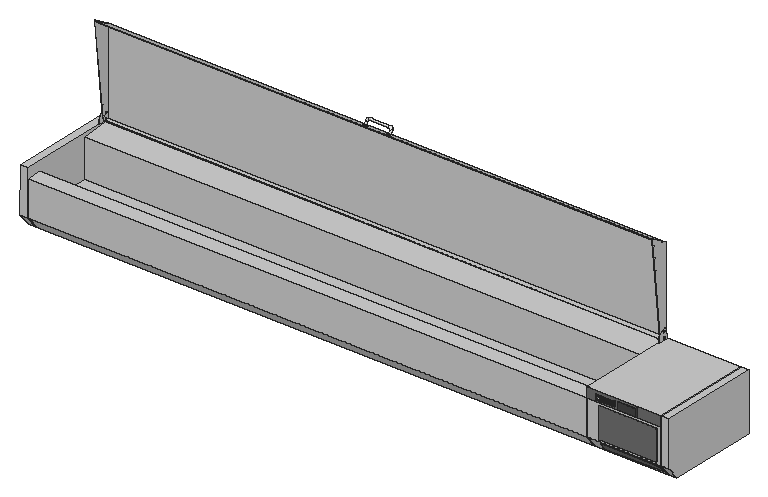
Revit family "Qf_Afinox_VRS2560K", category Specialty Equipment, Revit 2014
Parameters
  Show Logo [instance] = yes
  Show Clearance [instance] = yes
Reference planes
  plane 1 "Back": y = 0
  plane 2: z = 0
  plane 3 "Left": x = 0
  plane 4 "Right": x = 2560
  plane 5 "Front": y = -395
  plane 6 "Top": z = 225
Forms (mm)
  Extrusion 1, solid
    sketch origin (1460, 0, 0) x (0, 1, 0) y (0, 0, 1)
      loop
        line (0, 225) -> (-118.091, 213.424) -> (-118.091, 63.424) -> (-342.706, 63.424) -> (-342.706, 191.405) -> (-395, 186.278) -> (-395, 50) -> (-354.511, 0) -> (0, 0) -> (0, 225)
    from -1430 to 778
  Extrusion 2, solid
    sketch origin (0, 0, 0) x (0, 1, 0) y (0, 0, 1)
      loop
        line (0, 225) -> (-395, 225) -> (-395, 50) -> (-354.511, 0) -> (0, 0) -> (0, 225)
    from 0 to 30
  Extrusion 3, solid
    sketch origin (2530, 0, 0) x (0, 1, 0) y (0, 0, 1)
      loop
        line (0, 225) -> (-395, 225) -> (-395, 50) -> (-354.511, 0) -> (0, 0) -> (0, 225)
    from 0 to 30
  Extrusion 4, solid
    sketch origin (2500, 0, 0) x (0, 1, 0) y (0, 0, 1)
      loop
        line (0, 225) -> (-395, 225) -> (-395, 50) -> (-354.511, 0) -> (0, 0) -> (0, 225)
    from -262 to 30
  Extrusion 5, solid
    sketch origin (1460, -394, -0.038) x (1, 0, 0) y (0, 0, 1)
      loop
        arc (829.65, 178.011) -> (827.352, 177.059) -> (826.4, 174.761) r 3.25
        line (826.4, 174.761) -> (826.4, 59.261)
        arc (826.4, 59.261) -> (827.352, 56.963) -> (829.65, 56.011) r 3.25
        line (829.65, 56.011) -> (1050.15, 56.011)
        arc (1050.15, 56.011) -> (1052.448, 56.963) -> (1053.4, 59.261) r 3.25
        line (1053.4, 59.261) -> (1053.4, 174.761)
        arc (1053.4, 174.761) -> (1052.448, 177.059) -> (1050.15, 178.011) r 3.25
        line (1050.15, 178.011) -> (829.65, 178.011)
    from 0 to 2
  Extrusion 6, solid
    sketch origin (1460, -273.564, -98.372) x (1, 0, 0) y (0, -0.62932, 0.777146)
      loop
        arc (829.65, 178.011) -> (827.352, 177.059) -> (826.4, 174.761) r 3.25
        line (826.4, 174.761) -> (826.4, 141.843)
        arc (826.4, 141.843) -> (827.352, 139.544) -> (829.65, 138.593) r 3.25
        line (829.65, 138.593) -> (1050.15, 138.593)
        arc (1050.15, 138.593) -> (1052.448, 139.544) -> (1053.4, 141.843) r 3.25
        line (1053.4, 141.843) -> (1053.4, 174.761)
        arc (1053.4, 174.761) -> (1052.448, 177.059) -> (1050.15, 178.011) r 3.25
        line (1050.15, 178.011) -> (829.65, 178.011)
    from 0 to 2
  Extrusion 7, solid
    sketch origin (1452.335, -397, -1.215) x (1, 0, 0) y (0, 0, 1)
      loop
        line (912.065, 221.354) -> (912.065, 192.354) -> (983.065, 192.354) -> (983.065, 221.354) -> (912.065, 221.354)
    from 0 to 3
  Extrusion 8, solid, visible <- "Show Logo"
    sketch origin (2097.556, -397, -384.108) x (1, 0, 0) y (0, 0, 1)
      loop
        line (179.287, 599.596) -> (179.287, 579.899) -> (254.287, 579.899) -> (254.287, 599.596) -> (179.287, 599.596)
      loop
        line (199.226, 597.323) -> (199.226, 582.172) -> (253.014, 582.172) -> (253.014, 597.323) -> (199.226, 597.323)
      loop
        line (180.287, 597.323) -> (180.287, 582.172) -> (198.848, 582.172) -> (198.848, 597.323) -> (180.287, 597.323)
    from 0 to 2
  Extrusion 9, solid, visible <- "Show Logo"
    sketch origin (1304.53, -397, -622.718) x (1, 0, 0) y (0, 0, 1)
      loop
        arc (994.034, 825.04) -> (994.842, 823.416) -> (996.479, 824.198) r 1.293
        line (996.479, 824.198) -> (996.958, 825.22) -> (1000.192, 825.22) -> (1000.6, 824.198)
        arc (1000.6, 824.198) -> (1002.252, 823.366) -> (1003.039, 825.04) r 1.291
        line (1003.039, 825.04) -> (999.801, 832.415)
        arc (999.801, 832.415) -> (998.57, 833.402) -> (997.337, 832.418) r 1.263
        line (997.337, 832.418) -> (994.034, 825.04)
      loop
        line (999.576, 827.427) -> (998.603, 829.738) -> (997.631, 827.445) -> (999.576, 827.427)
      loop
        line (1004.344, 832.421) -> (1004.344, 824.556)
        arc (1004.344, 824.556) -> (1005.631, 823.448) -> (1006.918, 824.556) r 1.302
        line (1006.918, 824.556) -> (1006.918, 827.178) -> (1010.126, 827.178)
        arc (1010.126, 827.178) -> (1011.3, 828.493) -> (1010.126, 829.808) r 1.323
        line (1010.126, 829.808) -> (1006.918, 829.808) -> (1006.918, 830.954) -> (1010.126, 830.954)
        arc (1010.126, 830.954) -> (1011.264, 832.233) -> (1010.126, 833.511) r 1.287
        line (1010.126, 833.511) -> (1005.326, 833.511)
        arc (1005.326, 833.511) -> (1004.652, 833.13) -> (1004.344, 832.421) r 1.22
      loop
        line (1012.593, 832.457) -> (1012.593, 824.488)
        arc (1012.593, 824.488) -> (1013.928, 823.343) -> (1015.262, 824.488) r 1.35
        line (1015.262, 824.488) -> (1015.262, 832.457)
        arc (1015.262, 832.457) -> (1013.928, 833.516) -> (1012.593, 832.457) r 1.37
      loop
        arc (1019.372, 832.457) -> (1018.038, 833.516) -> (1016.703, 832.457) r 1.37
        line (1016.703, 832.457) -> (1016.703, 824.488)
        arc (1016.703, 824.488) -> (1018.038, 823.343) -> (1019.372, 824.488) r 1.35
        line (1019.372, 824.488) -> (1019.372, 828.473) -> (1022.448, 824.488)
        arc (1022.448, 824.488) -> (1023.783, 823.343) -> (1025.118, 824.488) r 1.35
        line (1025.118, 824.488) -> (1025.118, 832.457)
        arc (1025.118, 832.457) -> (1023.783, 833.516) -> (1022.448, 832.457) r 1.37
        line (1022.448, 832.457) -> (1022.448, 828.473) -> (1019.372, 832.457)
      loop
        circle (1031.159, 828.429) r 5.095
      loop
        circle (1031.159, 828.429) r 2.733
      loop
        line (1036.425, 831.5) -> (1038.763, 828.375) -> (1036.365, 825.267)
        arc (1036.365, 825.267) -> (1036.712, 823.621) -> (1038.393, 823.703) r 1.296
        line (1038.393, 823.703) -> (1040.42, 826.313) -> (1042.28, 823.703)
        arc (1042.28, 823.703) -> (1043.993, 823.58) -> (1044.434, 825.238) r 1.346
        line (1044.434, 825.238) -> (1042.048, 828.408) -> (1044.37, 831.408)
        arc (1044.37, 831.408) -> (1044.07, 833.196) -> (1042.269, 832.987) r 1.316
        line (1042.269, 832.987) -> (1040.366, 830.453) -> (1038.502, 833.054)
        arc (1038.502, 833.054) -> (1036.78, 833.19) -> (1036.425, 831.5) r 1.308
      loop
        line (1046.04, 835.933) -> (992.253, 835.933) -> (992.253, 820.782) -> (1046.04, 820.782) -> (1046.04, 835.933)
    from 0 to 2
  Extrusion 10, solid, visible <- "Show Logo"
    sketch origin (1297.402, -397, -442.664) x (1, 0, 0) y (0, 0, 1)
      loop
        line (980.441, 655.879) -> (980.441, 640.728) -> (999.001, 640.728) -> (999.001, 655.879) -> (980.441, 655.879)
      loop
        arc (982.146, 642.435) -> (982.404, 641.667) -> (983.211, 641.586) r 0.747
        line (983.211, 641.586) -> (989.781, 644.576) -> (996.334, 641.6)
        arc (996.334, 641.6) -> (997.088, 641.702) -> (997.296, 642.435) r 0.695
        line (997.296, 642.435) -> (990.231, 654.688)
        arc (990.231, 654.688) -> (989.721, 654.992) -> (989.211, 654.688) r 0.58
        line (989.211, 654.688) -> (982.146, 642.435)
    from 0 to 2
  Extrusion 11, solid, visible <- "Show Logo"
    sketch origin (1263.114, -397, -392.26) x (1, 0, 0) y (0, 0, 1)
      loop
        arc (1016.435, 592.031) -> (1016.693, 591.262) -> (1017.5, 591.182) r 0.747
        line (1017.5, 591.182) -> (1024.07, 594.172) -> (1030.623, 591.195)
        arc (1030.623, 591.195) -> (1031.377, 591.298) -> (1031.584, 592.031) r 0.695
        line (1031.584, 592.031) -> (1024.52, 604.283)
        arc (1024.52, 604.283) -> (1024.01, 604.588) -> (1023.5, 604.283) r 0.58
        line (1023.5, 604.283) -> (1016.435, 592.031)
      loop
        arc (1035.45, 594.582) -> (1036.258, 592.958) -> (1037.895, 593.739) r 1.293
        line (1037.895, 593.739) -> (1038.374, 594.762) -> (1041.608, 594.762) -> (1042.016, 593.739)
        arc (1042.016, 593.739) -> (1043.668, 592.908) -> (1044.455, 594.582) r 1.291
        line (1044.455, 594.582) -> (1041.218, 601.957)
        arc (1041.218, 601.957) -> (1039.986, 602.943) -> (1038.753, 601.959) r 1.263
        line (1038.753, 601.959) -> (1035.45, 594.582)
      loop
        line (1040.992, 596.969) -> (1040.02, 599.279) -> (1039.047, 596.987) -> (1040.992, 596.969)
      loop
        arc (1045.76, 594.097) -> (1047.047, 592.99) -> (1048.334, 594.097) r 1.302
        line (1048.334, 594.097) -> (1048.334, 596.72) -> (1051.542, 596.72)
        arc (1051.542, 596.72) -> (1052.716, 598.035) -> (1051.542, 599.35) r 1.323
        line (1051.542, 599.35) -> (1048.334, 599.35) -> (1048.334, 600.496) -> (1051.542, 600.496)
        arc (1051.542, 600.496) -> (1052.681, 601.774) -> (1051.542, 603.052) r 1.287
        line (1051.542, 603.052) -> (1046.742, 603.052)
        arc (1046.742, 603.052) -> (1046.069, 602.672) -> (1045.76, 601.962) r 1.22
        line (1045.76, 601.962) -> (1045.76, 594.097)
      loop
        arc (1054.01, 594.029) -> (1055.344, 592.884) -> (1056.679, 594.029) r 1.35
        line (1056.679, 594.029) -> (1056.679, 601.999)
        arc (1056.679, 601.999) -> (1055.344, 603.058) -> (1054.01, 601.999) r 1.37
        line (1054.01, 601.999) -> (1054.01, 594.029)
      loop
        arc (1058.12, 594.029) -> (1059.454, 592.884) -> (1060.789, 594.029) r 1.35
        line (1060.789, 594.029) -> (1060.789, 598.014) -> (1063.865, 594.029)
        arc (1063.865, 594.029) -> (1065.199, 592.884) -> (1066.534, 594.029) r 1.35
        line (1066.534, 594.029) -> (1066.534, 601.999)
        arc (1066.534, 601.999) -> (1065.199, 603.058) -> (1063.865, 601.999) r 1.37
        line (1063.865, 601.999) -> (1063.865, 598.014) -> (1060.789, 601.999)
        arc (1060.789, 601.999) -> (1059.454, 603.058) -> (1058.12, 601.999) r 1.37
        line (1058.12, 601.999) -> (1058.12, 594.029)
      loop
        circle (1072.575, 597.971) r 5.095
      loop
        circle (1072.575, 597.971) r 2.733
      loop
        line (1080.18, 597.917) -> (1077.782, 594.809)
        arc (1077.782, 594.809) -> (1078.129, 593.163) -> (1079.809, 593.245) r 1.296
        line (1079.809, 593.245) -> (1081.836, 595.854) -> (1083.697, 593.245)
        arc (1083.697, 593.245) -> (1085.409, 593.121) -> (1085.851, 594.78) r 1.346
        line (1085.851, 594.78) -> (1083.464, 597.949) -> (1085.787, 600.95)
        arc (1085.787, 600.95) -> (1085.486, 602.737) -> (1083.686, 602.528) r 1.316
        line (1083.686, 602.528) -> (1081.782, 599.994) -> (1079.918, 602.596)
        arc (1079.918, 602.596) -> (1078.197, 602.731) -> (1077.841, 601.041) r 1.308
        line (1077.841, 601.041) -> (1080.18, 597.917)
    from 0 to 2
  Extrusion 12, solid
    sketch origin (1325.935, -395, 3.646) x (1, 0, 0) y (0, 0, 1)
      loop
        line (912.065, 221.354) -> (912.065, 182.633) -> (1204.065, 182.633) -> (1204.065, 221.354) -> (912.065, 221.354)
    from 0 to 2
  Extrusion 13, solid
    sketch origin (1460, -6.8, 0) x (1, 0, 0) y (0, 0, 1)
      loop
        circle (1050, 20) r 5
    from -17.6 to -6.8
  Extrusion 14, solid
    sketch origin (1460, 0, 0) x (1, 0, 0) y (0, 0, 1)
      loop
        line (-1430, 13) -> (1070, 13) -> (1070, 186) -> (-1430, 186) -> (-1430, 13)
      loop
        circle (1050, 20) r 5
    from -10.8 to 0
  Extrusion 15, solid
    sketch origin (1460, 0, 0) x (0, 1, 0) y (0, 0, 1)
      loop
        line (-4.839, 566.059) -> (-5.711, 567.602) -> (-67.897, 604.966) -> (-67.483, 601.218) -> (-7.839, 565.38) -> (-7.839, 234.059) -> (-26.661, 234.059) -> (-26.661, 231.059) -> (-4.839, 231.059) -> (-4.839, 566.059)
    from -1425.5 to 773.5
  Extrusion 16, solid
    sketch origin (31.5, 0, 0) x (0, 1, 0) y (0, 0, 1)
      loop
        line (-26.661, 231.059) -> (-4.839, 231.059) -> (-4.839, 566.059) -> (-5.711, 567.602) -> (-67.897, 604.966) -> (-26.661, 231.059)
    from 0 to 3
  Extrusion 17, solid
    sketch origin (2233.5, 0, 0) x (0, 1, 0) y (0, 0, 1)
      loop
        line (-26.661, 231.059) -> (-4.839, 231.059) -> (-4.839, 566.059) -> (-5.711, 567.602) -> (-67.897, 604.966) -> (-26.661, 231.059)
    from 0 to 3
  Extrusion 18, solid
    sketch origin (27.5, 0, 0) x (0, 1, 0) y (0, 0, 1)
      loop
        line (-1.6, 229.5) -> (-9.4, 262.31)
        arc (-9.4, 262.31) -> (-13.213, 264.976) -> (-16.305, 261.5) r 3.5
        line (-16.305, 261.5) -> (-16.305, 258.7)
        arc (-16.305, 258.7) -> (-19.222, 255.38) -> (-22.819, 257.948) r 3.295
        arc (-22.819, 257.948) -> (-23.057, 258.376) -> (-23.545, 258.419) r 0.522
        arc (-23.545, 258.419) -> (-35.086, 251.292) -> (-39.6, 238.5) r 20.384
        line (-39.6, 238.5) -> (-39.6, 225) -> (-1.6, 225) -> (-1.6, 229.5)
      loop
        line (-16.414, 236.961) -> (-18.9, 242.422)
        arc (-18.9, 242.422) -> (-23.535, 244.158) -> (-25.271, 239.523) r 3.5
        line (-25.271, 239.523) -> (-22.786, 234.062)
        arc (-22.786, 234.062) -> (-18.15, 232.326) -> (-16.414, 236.961) r 3.5
    from 0 to 2.5
  Revolve 19, solid
    sketch origin (0, -19.388, 0) x (1, 0, 0) y (0, 0, 1)
      loop
        line (23.5, 258.511) -> (37.5, 258.511) -> (37.5, 261.033) -> (32.5, 261.033) -> (31.5, 261.5) -> (24.493, 261.5) -> (23.5, 260.507) -> (23.5, 258.511)
      axis (23.5, 258.511) -> (37.5, 258.511)
    angle from 0 to 360
  Revolve 20, solid
    sketch origin (0, -19.388, -23) x (1, 0, 0) y (0, 0, 1)
      loop
        line (23.5, 258.511) -> (37.5, 258.511) -> (37.5, 261.033) -> (32.5, 261.033) -> (31.5, 261.5) -> (24.493, 261.5) -> (23.5, 260.507) -> (23.5, 258.511)
      axis (23.5, 258.511) -> (37.5, 258.511)
    angle from 0 to 360
  Extrusion 21, solid
    sketch origin (2240.5, 0, 0) x (0, 1, 0) y (0, 0, -1)
      loop
        line (-1.6, -229.5) -> (-1.6, -225) -> (-39.6, -225) -> (-39.6, -238.5)
        arc (-39.6, -238.5) -> (-35.086, -251.292) -> (-23.545, -258.419) r 20.384
        arc (-23.545, -258.419) -> (-23.057, -258.376) -> (-22.819, -257.948) r 0.522
        arc (-22.819, -257.948) -> (-19.222, -255.38) -> (-16.305, -258.7) r 3.295
        line (-16.305, -258.7) -> (-16.305, -261.5)
        arc (-16.305, -261.5) -> (-13.213, -264.976) -> (-9.4, -262.31) r 3.5
        line (-9.4, -262.31) -> (-1.6, -229.5)
      loop
        arc (-16.414, -236.961) -> (-18.15, -232.326) -> (-22.786, -234.062) r 3.5
        line (-22.786, -234.062) -> (-25.271, -239.523)
        arc (-25.271, -239.523) -> (-23.535, -244.158) -> (-18.9, -242.422) r 3.5
        line (-18.9, -242.422) -> (-16.414, -236.961)
    from 0 to 2.5
  Revolve 22, solid
    sketch origin (2268, -19.388, 0) x (-1, 0, 0) y (0, 0, -1)
      loop
        line (23.5, -258.511) -> (23.5, -260.507) -> (24.493, -261.5) -> (31.5, -261.5) -> (32.5, -261.033) -> (37.5, -261.033) -> (37.5, -258.511) -> (23.5, -258.511)
      axis (23.5, -258.511) -> (37.5, -258.511)
    angle from 0 to 360
  Revolve 23, solid
    sketch origin (2268, -19.388, -23) x (-1, 0, 0) y (0, 0, -1)
      loop
        line (23.5, -258.511) -> (23.5, -260.507) -> (24.493, -261.5) -> (31.5, -261.5) -> (32.5, -261.033) -> (37.5, -261.033) -> (37.5, -258.511) -> (23.5, -258.511)
      axis (23.5, -258.511) -> (37.5, -258.511)
    angle from 0 to 360
  Sweep 24, solid
    path origin (730.499, -355.476, 85.218) x (1, 0, 0) y (0, 0.515038, 0.857167)
      loop
        line (356.001, 596.626) -> (356.001, 610.769)
        arc (356.001, 610.769) -> (358.302, 616.325) -> (363.858, 618.626) r 7.857
        line (363.858, 618.626) -> (443.144, 618.626)
        arc (443.144, 618.626) -> (448.7, 616.325) -> (451.001, 610.769) r 7.857
        line (451.001, 610.769) -> (451.001, 596.626)
    profile origin (1086.5, -44.549, 602.688) x (-1, 0, 0) y (0, -0.857167, 0.515038)
      loop
        circle (0, 0) r 4
  Revolve 25, solid
    sketch origin (1086.467, 0, 0) x (0, 1, 0) y (0, 0, 1)
      loop
        line (-48.191, 596.626) -> (-51.796, 598.792)
        arc (-51.796, 598.792) -> (-53.02, 598.984) -> (-54.032, 598.269) r 1.648
        line (-54.032, 598.269) -> (-54.747, 598.698)
        arc (-54.747, 598.698) -> (-55.805, 598.856) -> (-56.664, 598.217) r 1.396
        line (-56.664, 598.217) -> (-49.736, 594.055) -> (-48.191, 596.626)
      axis (-48.191, 596.626) -> (-49.736, 594.055)
    angle from 0 to 360
  Revolve 26, solid
    sketch origin (1181.467, 0, 0) x (0, 1, 0) y (0, 0, 1)
      loop
        line (-48.191, 596.626) -> (-51.796, 598.792)
        arc (-51.796, 598.792) -> (-53.02, 598.984) -> (-54.032, 598.269) r 1.648
        line (-54.032, 598.269) -> (-54.747, 598.698)
        arc (-54.747, 598.698) -> (-55.805, 598.856) -> (-56.664, 598.217) r 1.396
        line (-56.664, 598.217) -> (-49.736, 594.055) -> (-48.191, 596.626)
      axis (-48.191, 596.626) -> (-49.736, 594.055)
    angle from 0 to 360
Lines and regions (mm)
  symbolic lines, style "200-EquipBorder-2D"
    curve 1: line (0, 0, 0) -> (2560, 0, 0)
    curve 2: line (0, -395, 0) -> (0, 0, 0)
    curve 3: line (2560, -395, 0) -> (0, -395, 0)
    curve 4: line (2560, 0, 0) -> (2560, -395, 0)
    curve 10: line (30, 0, 0) -> (30, 10.8, 0)
    curve 11: line (30, 10.8, 0) -> (2530, 10.8, 0)
    curve 12: line (2530, 10.8, 0) -> (2530, 0, 0)
  symbolic lines, style "200-EquipInternal-2D"
    curve 5: line (30, -22.377, 0) -> (30, -395, 0)
    curve 6: line (2238, -22.377, 0) -> (2238, -395, 0)
    curve 7: line (2530, 0, 0) -> (2530, -395, 0)
    curve 8: line (2238, -342.706, 0) -> (30, -342.706, 0)
    curve 9: line (30, -118.091, 0) -> (2238, -118.091, 0)
    curve 13: line (31.5, -4.839, 0) -> (2236.5, -4.839, 0)
    curve 14: line (31.5, -67.897, 0) -> (31.5, -4.839, 0)
    curve 15: line (2236.5, -67.897, 0) -> (31.5, -67.897, 0)
    curve 16: line (2236.5, -4.839, 0) -> (2236.5, -67.897, 0)
    curve 17: line (2244.5, -17.393, 0) -> (2244.5, -21.384, 0)
    curve 18: line (2244.5, -21.384, 0) -> (2243.507, -22.377, 0)
    curve 19: line (2243.507, -22.377, 0) -> (2236.5, -22.377, 0)
    curve 20: line (2243.507, -16.4, 0) -> (2236.5, -16.4, 0)
    curve 21: line (2243.507, -16.4, 0) -> (2244.5, -17.393, 0)
    curve 22: line (2238, 0, 0) -> (2238, -16.4, 0)
    curve 23: line (2238, -1.6, 0) -> (2240.5, -1.6, 0)
    curve 24: line (2240.5, -1.6, 0) -> (2240.5, -16.4, 0)
    curve 25: line (2240.5, -22.377, 0) -> (2240.5, -39.6, 0)
    curve 26: line (2240.5, -39.6, 0) -> (2238, -39.6, 0)
    curve 27: line (31.5, -16.414, 0) -> (24.493, -16.414, 0)
    curve 28: line (24.493, -16.414, 0) -> (23.5, -17.407, 0)
    curve 29: line (23.5, -17.407, 0) -> (23.5, -21.384, 0)
    curve 30: line (23.5, -21.384, 0) -> (24.493, -22.377, 0)
    curve 31: line (24.493, -22.377, 0) -> (31.5, -22.377, 0)
    curve 32: line (30, -1.6, 0) -> (27.5, -1.6, 0)
    curve 33: line (27.5, -1.6, 0) -> (27.5, -16.414, 0)
    curve 34: line (27.5, -22.377, 0) -> (27.5, -39.6, 0)
    curve 35: line (27.5, -39.6, 0) -> (30, -39.6, 0)
    curve 36: spline (1082.322, -43.789, 0) -> (1079.783, -45.842, 0) -> (1078.491, -48.62, 0) -> (1078.685, -51.607, 0) -> (1080.33, -54.244, 0) -> (1083.12, -56.042, 0) -> (1086.533, -56.664, 0) -> (1089.934, -55.995, 0) -> (1092.689, -54.159, 0) -> (1094.284, -51.498, 0) -> (1094.422, -48.51, 0) -> (1093.077, -45.749, 0) -> (1090.5, -43.733, 0)
    curve 37: spline (1177.5, -43.701, 0) -> (1174.891, -45.709, 0) -> (1173.52, -48.475, 0) -> (1173.645, -51.479, 0) -> (1175.242, -54.154, 0) -> (1178.01, -55.999, 0) -> (1181.43, -56.664, 0) -> (1184.856, -56.026, 0) -> (1187.645, -54.204, 0) -> (1189.27, -51.541, 0) -> (1189.428, -48.539, 0) -> (1188.087, -45.762, 0) -> (1185.5, -43.733, 0)
    curve 38: spline (1090.5, -48.191, 0) -> (1090.364, -49.079, 0) -> (1089.964, -49.906, 0) -> (1089.328, -50.616, 0) -> (1088.5, -51.161, 0) -> (1087.535, -51.503, 0) -> (1086.5, -51.62, 0) -> (1085.465, -51.503, 0) -> (1084.5, -51.161, 0) -> (1083.672, -50.616, 0) -> (1083.036, -49.906, 0) -> (1082.636, -49.079, 0) -> (1082.5, -48.191, 0)
    curve 39: spline (1185.5, -48.191, 0) -> (1185.364, -49.079, 0) -> (1184.964, -49.906, 0) -> (1184.328, -50.616, 0) -> (1183.5, -51.161, 0) -> (1182.535, -51.503, 0) -> (1181.5, -51.62, 0) -> (1180.465, -51.503, 0) -> (1179.5, -51.161, 0) -> (1178.672, -50.616, 0) -> (1178.036, -49.906, 0) -> (1177.636, -49.079, 0) -> (1177.5, -48.191, 0)
    curve 40: line (1082.5, -48.191, 0) -> (1082.5, -40.849, 0)
    curve 41: line (1090.5, -48.191, 0) -> (1090.5, -41.684, 0)
    curve 42: line (1177.5, -48.191, 0) -> (1177.5, -41.628, 0)
    curve 43: line (1185.5, -48.191, 0) -> (1185.5, -40.849, 0)
    curve 44: line (1094.274, -40.849, 0) -> (1173.972, -40.849, 0)
    curve 45: line (1094.274, -32.842, 0) -> (1173.726, -32.842, 0)
    curve 46: spline (1094.274, -32.842, 0) -> (1092.737, -32.911, 0) -> (1091.226, -33.115, 0) -> (1089.768, -33.452, 0) -> (1088.387, -33.915, 0) -> (1087.106, -34.497, 0) -> (1085.948, -35.187, 0) -> (1084.933, -35.975, 0) -> (1084.077, -36.846, 0) -> (1083.396, -37.785, 0) -> (1082.901, -38.777, 0) -> (1082.601, -39.804, 0) -> (1082.5, -40.849, 0)
    curve 47: spline (1173.726, -32.842, 0) -> (1175.263, -32.911, 0) -> (1176.774, -33.115, 0) -> (1178.232, -33.452, 0) -> (1179.613, -33.915, 0) -> (1180.894, -34.497, 0) -> (1182.052, -35.187, 0) -> (1183.067, -35.975, 0) -> (1183.923, -36.846, 0) -> (1184.604, -37.785, 0) -> (1185.099, -38.777, 0) -> (1185.399, -39.804, 0) -> (1185.5, -40.849, 0)
    curve 48: arc (1177.5, -41.628, 0) -> (1175.779, -41.046, 0) -> (1173.972, -40.849, 0) r 8.377
    curve 49: arc (1090.5, -41.684, 0) -> (1092.341, -41.061, 0) -> (1094.274, -40.849, 0) r 8.945
    curve 50: line (30, 0, 0) -> (30, -16.414, 0)
Dimensions and locks
  plane 3 "Left" to plane 4 "Right" = 2560 mm
  plane 5 "Front" to plane 1 "Back" = 395 mm
  plane 6 "Top" to level = 225 mm
  aligned and locked: level to plane 2
  aligned and locked: Extrusion 14 to Extrusion 1
  aligned and locked: Extrusion 14 to Extrusion 2
Connectors
  electrical at (2510, 10.8, 20)
    settings: on Extrusion 13, index 1, voltage 0 V, apparent load 0 VA, apparent load phase1 0 VA, apparent load phase2 0 VA, apparent load phase3 0 VA, power factor 1, load classification "Other", number of poles 1, system type 31, power factor state 1, is connector primary yes, connector utility no, sub classification motor no, connector description "Electrical connection"
